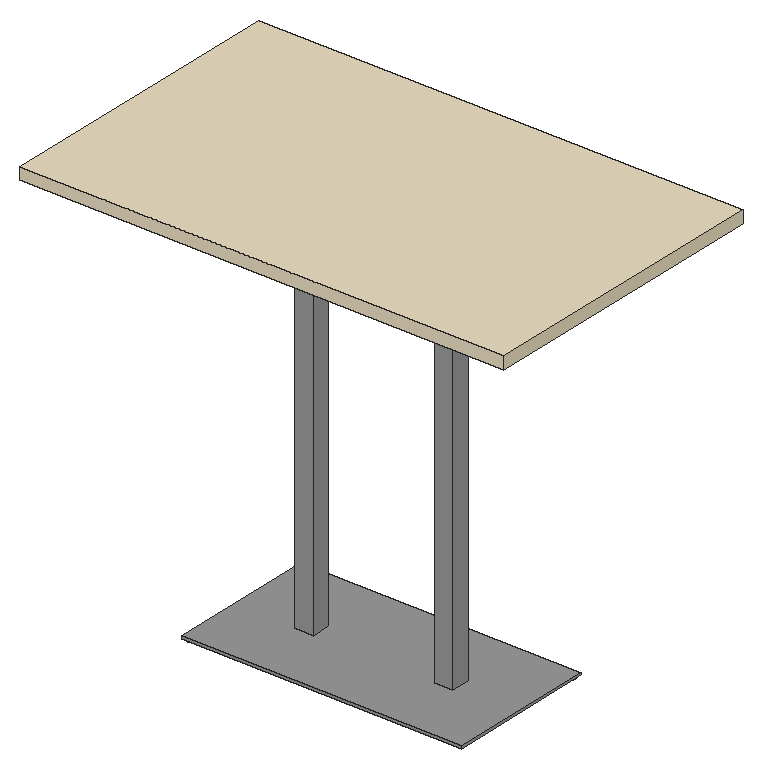
Revit family "FU_Table_Sandler_596AQ-XT", category Furniture, Revit 2020
Family settings
  OmniClass Number = 23.40.20.00
  OmniClass Title = General Furniture and Specialties
  Work Plane-Based = No
  Always vertical = Yes
  Cut with Voids When Loaded = No
  Shared = No
  Room Calculation Point = No
Parameters (values of type "596AQ-MT - 32x51" Top (80x130cm)")
  Width = 750 mm
  URL = "https://www.sandlerseating.com/product/596aq-mt/"
  Top Size = FU_TableTops_MT Sqr : 32x52" Top (80x130cm)
  Top Finish [instance] = Wood - Beech - Honey Stained
  Model = "596AQ-MT"
  Manufacturer = "Sandler"
  Height = 1100 mm
  Frame Finish [instance] = Metal - Steel - Polished
  Elevation = Height  # 1100 mm
  Description = "Double column table base in stainless steel."
  Depth = 400 mm
  Default Elevation = 0 mm
Types (4, lengths in mm): name | Top Size | Frame Finish
  596AQ-MT - 28x48" Top (70x120cm) | FU_TableTops_MT Sqr : 28x48" Top (70x120cm) | Metal - Steel - Polished
  596AQ-MT - 28x51" Top (70x130cm) | FU_TableTops_MT Sqr : 28x52" Top (70x130cm) | Metal - Steel - Matt-Satin
  596AQ-MT - 32x48" Top (80x120cm) | FU_TableTops_MT Sqr : 32x48" Top (80x120cm) | Metal - Steel - Polished
  596AQ-MT - 32x51" Top (80x130cm) | FU_TableTops_MT Sqr : 32x52" Top (80x130cm) | Metal - Steel - Polished
Reference planes
  plane 1 "Center (Front/Back)": y = 0
  plane 2: z = 0
  plane 3 "Center (Left/Right)": x = 0
  plane 4 "Right": x = -375
  plane 5 "Left": x = 375
  plane 6 "Back": y = 200
  plane 7 "Front": y = -200
  plane 8 "Height": z = 1100
  plane 9 "Glide height": z = 4
  plane 10 "LG H": y = 185.83
  plane 11: x = -360.83
  plane 12: x = -187.5
Forms (mm)
  Extrusion 1, solid, material "Metal - Steel - Polished" <- "Frame Finish"
    sketch origin (0, 0, 4) x (-1, 0, 0) y (0, -1, 0)
      loop
        line (375, -200) -> (375, 200) -> (-375, 200) -> (-375, -200) -> (375, -200)
    from 0 to 6
  Revolve 2, solid, material "Rubber, Black"
    sketch origin (0, 185.83, 0) x (-1, 0, 0) y (0, 0, 1)
      loop
        line (372.33, 4) -> (360.83, 4) -> (360.83, 0) -> (370.33, 0)
        arc (370.33, 0) -> (371.744, 0.586) -> (372.33, 2) r 2
        line (372.33, 2) -> (372.33, 4)
      axis (360.83, 4) -> (360.83, 0)
    angle from 0 to 360
  Revolve 3, solid, material "Rubber, Black"
    sketch origin (0, 185.83, 0) x (1, 0, 0) y (0, 0, 1)
      loop
        line (372.33, 4) -> (362.33, 4) -> (362.33, 0) -> (370.33, 0)
        arc (370.33, 0) -> (371.744, 0.586) -> (372.33, 2) r 2
        line (372.33, 2) -> (372.33, 4)
      axis (362.33, 4) -> (362.33, 0)
    angle from 0 to 360
  Revolve 4, solid, material "Rubber, Black"
    sketch origin (0, -185.83, 0) x (-1, 0, 0) y (0, 0, -1)
      loop
        line (372.33, -4) -> (372.33, -2)
        arc (372.33, -2) -> (371.744, -0.586) -> (370.33, 0) r 2
        line (370.33, 0) -> (360.83, 0) -> (360.83, -4) -> (372.33, -4)
      axis (360.83, -4) -> (360.83, 0)
    angle from 0 to 360
  Revolve 5, solid, material "Rubber, Black"
    sketch origin (0, -185.83, 0) x (1, 0, 0) y (0, 0, 1)
      loop
        line (372.33, 4) -> (362.33, 4) -> (362.33, 0) -> (370.33, 0)
        arc (370.33, 0) -> (371.744, 0.586) -> (372.33, 2) r 2
        line (372.33, 2) -> (372.33, 4)
      axis (362.33, 4) -> (362.33, 0)
    angle from 0 to 360
  Revolve 6, solid, material "Rubber, Black"
    sketch origin (-360.83, 185.83, 0) x (1, 0, 0) y (0, 0, 1)
      loop
        line (370.83, 4) -> (360.83, 4) -> (360.83, 0) -> (368.83, 0)
        arc (368.83, 0) -> (370.244, 0.586) -> (370.83, 2) r 2
        line (370.83, 2) -> (370.83, 4)
      axis (360.83, 4) -> (360.83, 0)
    angle from 0 to 360
  Revolve 7, solid, material "Rubber, Black"
    sketch origin (-360.83, -185.83, 0) x (1, 0, 0) y (0, 0, 1)
      loop
        line (370.83, 4) -> (360.83, 4) -> (360.83, 0) -> (368.83, 0)
        arc (368.83, 0) -> (370.244, 0.586) -> (370.83, 2) r 2
        line (370.83, 2) -> (370.83, 4)
      axis (360.83, 4) -> (360.83, 0)
    angle from 0 to 360
  Extrusion 8, solid, material "Metal - Steel - Polished" <- "Frame Finish"
    sketch origin (0, 0, 4) x (-1, 0, 0) y (0, -1, 0)
      loop
        line (212.5, -25) -> (212.5, 25) -> (162.5, 25) -> (162.5, -25) -> (212.5, -25)
    from 6 to 1096
  Extrusion 9, solid, material "Metal - Steel - Polished" <- "Frame Finish"
    sketch origin (0, 0, 4) x (1, 0, 0) y (0, 1, 0)
      loop
        line (212.5, 25) -> (162.5, 25) -> (162.5, -25) -> (212.5, -25) -> (212.5, 25)
    from 6 to 1096
  Extrusion 10, solid, material "Metal - Steel - Polished" <- "Frame Finish"
    sketch origin (0, 0, 1100) x (-1, 0, 0) y (0, -1, 0)
      loop
        line (235.5, 44.024) -> (307.236, 117.26)
        arc (307.236, 117.26) -> (304.417, 120.065) -> (301.532, 122.802) r 167.789
        line (301.532, 122.802) -> (227.879, 47.718) -> (147.12, 47.718) -> (73.468, 122.802)
        arc (73.468, 122.802) -> (70.583, 120.065) -> (67.764, 117.26) r 167.789
        line (67.764, 117.26) -> (139.5, 44.024) -> (139.5, -44.024) -> (67.486, -116.038)
        arc (67.486, -116.038) -> (70.298, -118.884) -> (73.177, -121.661) r 166.741
        line (73.177, -121.661) -> (146.556, -48.282) -> (228.444, -48.282) -> (301.823, -121.661)
        arc (301.823, -121.661) -> (304.702, -118.884) -> (307.514, -116.038) r 166.741
        line (307.514, -116.038) -> (235.5, -44.024) -> (235.5, 44.024)
    from -5.84 to -20
  Extrusion 11, solid, material "Metal - Steel - Polished" <- "Frame Finish"
    sketch origin (0, 0, 1100) x (-1, 0, 0) y (0, -1, 0)
      loop
        arc (235.5, 9.198) -> (237.694, 20.46) -> (243.955, 30.074) r 30
        line (243.955, 30.074) -> (342.527, 133.309)
        arc (342.527, 133.309) -> (344.782, 138.939) -> (342.439, 144.533) r 8
        line (342.439, 144.533) -> (329.622, 157.35)
        arc (329.622, 157.35) -> (323.965, 159.693) -> (318.308, 157.35) r 8
        line (318.308, 157.35) -> (219.527, 57.069)
        arc (219.527, 57.069) -> (209.794, 50.566) -> (198.314, 48.282) r 30
        line (198.314, 48.282) -> (176.686, 48.282)
        arc (176.686, 48.282) -> (165.206, 50.566) -> (155.473, 57.069) r 30
        line (155.473, 57.069) -> (56.692, 157.35)
        arc (56.692, 157.35) -> (51.035, 159.693) -> (45.378, 157.35) r 8
        line (45.378, 157.35) -> (32.561, 144.533)
        arc (32.561, 144.533) -> (30.218, 138.939) -> (32.473, 133.309) r 8
        line (32.473, 133.309) -> (131.045, 30.074)
        arc (131.045, 30.074) -> (137.306, 20.46) -> (139.5, 9.198) r 30
        line (139.5, 9.198) -> (139.5, -9.198)
        arc (139.5, -9.198) -> (137.306, -20.46) -> (131.045, -30.074) r 30
        line (131.045, -30.074) -> (32.473, -131.809)
        arc (32.473, -131.809) -> (30.218, -137.439) -> (32.561, -143.033) r 8
        line (32.561, -143.033) -> (45.378, -155.85)
        arc (45.378, -155.85) -> (51.035, -158.193) -> (56.692, -155.85) r 8
        line (56.692, -155.85) -> (155.473, -57.069)
        arc (155.473, -57.069) -> (165.206, -50.566) -> (176.686, -48.282) r 30
        line (176.686, -48.282) -> (198.314, -48.282)
        arc (198.314, -48.282) -> (209.794, -50.566) -> (219.527, -57.069) r 30
        line (219.527, -57.069) -> (318.308, -155.85)
        arc (318.308, -155.85) -> (323.965, -158.193) -> (329.622, -155.85) r 8
        line (329.622, -155.85) -> (342.439, -143.033)
        arc (342.439, -143.033) -> (344.782, -137.439) -> (342.527, -131.809) r 8
        line (342.527, -131.809) -> (243.955, -30.074)
        arc (243.955, -30.074) -> (237.694, -20.46) -> (235.5, -9.198) r 30
        line (235.5, -9.198) -> (235.5, 9.198)
      loop
        line (53.101, -141.055) -> (62.998, -131.158)
        arc (62.998, -131.158) -> (62.998, -125.502) -> (57.342, -125.502) r 3.999
        line (57.342, -125.502) -> (47.445, -135.399)
        arc (47.445, -135.399) -> (47.5, -141.001) -> (53.101, -141.055) r 4
      loop
        arc (321.899, -141.055) -> (327.5, -141.001) -> (327.555, -135.399) r 4
        line (327.555, -135.399) -> (317.658, -125.502)
        arc (317.658, -125.502) -> (312.002, -125.502) -> (312.002, -131.158) r 3.999
        line (312.002, -131.158) -> (321.899, -141.055)
      loop
        arc (53.101, 142.555) -> (47.5, 142.501) -> (47.445, 136.899) r 4
        line (47.445, 136.899) -> (57.342, 127.002)
        arc (57.342, 127.002) -> (62.998, 127.002) -> (62.998, 132.658) r 3.999
        line (62.998, 132.658) -> (53.101, 142.555)
      loop
        line (321.899, 142.555) -> (312.002, 132.658)
        arc (312.002, 132.658) -> (312.002, 127.002) -> (317.658, 127.002) r 3.999
        line (317.658, 127.002) -> (327.555, 136.899)
        arc (327.555, 136.899) -> (327.5, 142.501) -> (321.899, 142.555) r 4
      loop
        circle (187.5, 0) r 7.5
    from -9.84 to 0
  Extrusion 12, solid, material "Metal - Steel - Polished" <- "Frame Finish"
    sketch origin (0, 0, 1100) x (1, 0, 0) y (0, 1, 0)
      loop
        line (235.5, -44.024) -> (235.5, 44.024) -> (309.014, 116.038)
        arc (309.014, 116.038) -> (306.203, 118.919) -> (303.323, 121.732) r 167.824
        line (303.323, 121.732) -> (228.444, 48.282) -> (146.556, 48.282) -> (73.177, 121.661)
        arc (73.177, 121.661) -> (70.298, 118.884) -> (67.486, 116.038) r 166.741
        line (67.486, 116.038) -> (139.5, 44.024) -> (139.5, -44.024) -> (67.764, -117.26)
        arc (67.764, -117.26) -> (70.583, -120.065) -> (73.468, -122.802) r 167.789
        line (73.468, -122.802) -> (147.12, -47.718) -> (227.879, -47.718) -> (303.032, -122.871)
        arc (303.032, -122.871) -> (305.917, -120.1) -> (308.736, -117.26) r 168.862
        line (308.736, -117.26) -> (235.5, -44.024)
    from -5.84 to -20
  Extrusion 13, solid, material "Metal - Steel - Polished" <- "Frame Finish"
    sketch origin (0, 0, 1100) x (1, 0, 0) y (0, 1, 0)
      loop
        line (235.5, -9.198) -> (235.5, 9.198)
        arc (235.5, 9.198) -> (237.694, 20.46) -> (243.955, 30.074) r 30
        line (243.955, 30.074) -> (344.027, 131.809)
        arc (344.027, 131.809) -> (346.282, 137.439) -> (343.939, 143.033) r 8
        line (343.939, 143.033) -> (331.122, 155.85)
        arc (331.122, 155.85) -> (325.465, 158.193) -> (319.808, 155.85) r 8
        line (319.808, 155.85) -> (219.527, 57.069)
        arc (219.527, 57.069) -> (209.794, 50.566) -> (198.314, 48.282) r 30
        line (198.314, 48.282) -> (176.686, 48.282)
        arc (176.686, 48.282) -> (165.206, 50.566) -> (155.473, 57.069) r 30
        line (155.473, 57.069) -> (56.692, 155.85)
        arc (56.692, 155.85) -> (51.035, 158.193) -> (45.378, 155.85) r 8
        line (45.378, 155.85) -> (32.561, 143.033)
        arc (32.561, 143.033) -> (30.218, 137.439) -> (32.473, 131.809) r 8
        line (32.473, 131.809) -> (131.045, 30.074)
        arc (131.045, 30.074) -> (137.306, 20.46) -> (139.5, 9.198) r 30
        line (139.5, 9.198) -> (139.5, -9.198)
        arc (139.5, -9.198) -> (137.306, -20.46) -> (131.045, -30.074) r 30
        line (131.045, -30.074) -> (32.473, -133.309)
        arc (32.473, -133.309) -> (30.218, -138.939) -> (32.561, -144.533) r 8
        line (32.561, -144.533) -> (45.378, -157.35)
        arc (45.378, -157.35) -> (51.035, -159.693) -> (56.692, -157.35) r 8
        line (56.692, -157.35) -> (155.473, -57.069)
        arc (155.473, -57.069) -> (165.206, -50.566) -> (176.686, -48.282) r 30
        line (176.686, -48.282) -> (198.314, -48.282)
        arc (198.314, -48.282) -> (209.794, -50.566) -> (219.527, -57.069) r 30
        line (219.527, -57.069) -> (319.808, -157.35)
        arc (319.808, -157.35) -> (325.465, -159.693) -> (331.122, -157.35) r 8
        line (331.122, -157.35) -> (343.939, -144.533)
        arc (343.939, -144.533) -> (346.282, -138.939) -> (344.027, -133.309) r 8
        line (344.027, -133.309) -> (243.955, -30.074)
        arc (243.955, -30.074) -> (237.694, -20.46) -> (235.5, -9.198) r 30
      loop
        arc (53.101, 141.055) -> (47.5, 141.001) -> (47.445, 135.399) r 4
        line (47.445, 135.399) -> (57.342, 125.502)
        arc (57.342, 125.502) -> (62.998, 125.502) -> (62.998, 131.158) r 3.999
        line (62.998, 131.158) -> (53.101, 141.055)
      loop
        line (323.399, 141.055) -> (313.502, 131.158)
        arc (313.502, 131.158) -> (313.502, 125.502) -> (319.158, 125.502) r 3.999
        line (319.158, 125.502) -> (329.055, 135.399)
        arc (329.055, 135.399) -> (329, 141.001) -> (323.399, 141.055) r 4
      loop
        line (53.101, -142.555) -> (62.998, -132.658)
        arc (62.998, -132.658) -> (62.998, -127.002) -> (57.342, -127.002) r 3.999
        line (57.342, -127.002) -> (47.445, -136.899)
        arc (47.445, -136.899) -> (47.5, -142.501) -> (53.101, -142.555) r 4
      loop
        arc (323.399, -142.555) -> (329, -142.501) -> (329.055, -136.899) r 4
        line (329.055, -136.899) -> (319.158, -127.002)
        arc (319.158, -127.002) -> (313.502, -127.002) -> (313.502, -132.658) r 3.999
        line (313.502, -132.658) -> (323.399, -142.555)
      loop
        circle (187.5, 0) r 7.5
    from -9.84 to 0
Cuts and joins
  joined: Extrusion 1, Extrusion 8, Extrusion 9, Extrusion 10, Extrusion 11, Extrusion 12, Extrusion 13
Dimensions and locks
  equal spacing: plane 4 "Right", plane 3 "Center (Left/Right)", plane 5 "Left"
  "Width": plane 4 "Right" to plane 5 "Left"
  equal spacing: plane 6 "Back", plane 1 "Center (Front/Back)", plane 7 "Front"
  "Depth": plane 6 "Back" to plane 7 "Front"
  "Height": plane 8 "Height" to level
  plane 9 "Glide height" to level = 4 mm
  aligned and locked: level to plane 2
  aligned and locked: plane 8 "Height" to cut or joined group of Extrusion 1, Extrusion 8, Extrusion 9, Extrusion 10, Extrusion 11, Extrusion 12, Extrusion 13  (x2)
Automatic sketch dimensions
  Extrusion 1 sketch curve to plane 5 "Left" = 0 mm
  Extrusion 1 sketch curve to plane 4 "Right" = 0 mm
  Extrusion 1 sketch curve to plane 6 "Back" = 0 mm
  Extrusion 1 sketch curve to plane 7 "Front" = 0 mm
  Revolve 2 sketch curve to plane 9 "Glide height" = 0 mm  (x2)
  plane 11 to Revolve 2 sketch curve = 0 mm  (x2)
  Revolve 2 sketch curve to level = 0 mm
  level to Revolve 2 sketch curve = 2 mm
  Revolve 2 sketch curve to plane 4 "Right" = 4.67 mm
  Revolve 2 sketch curve to level = 1.303 mm
  Revolve 3 sketch curve to plane 9 "Glide height" = 0 mm  (x2)
  Revolve 3 sketch curve to level = 0 mm
  Revolve 3 sketch curve to plane 5 "Left" = 12.67 mm
  Revolve 3 sketch curve to level = 2 mm
  Revolve 3 sketch curve to plane 5 "Left" = 4.67 mm
  Revolve 3 sketch curve to Revolve 3 sketch curve = 0 mm
  Revolve 3 sketch curve to Revolve 3 sketch curve = 1.303 mm
  Revolve 4 sketch curve to plane 9 "Glide height" = 0 mm  (x2)
  plane 11 to Revolve 4 sketch curve = 0 mm  (x2)
  Revolve 4 sketch curve to level = 0 mm
  level to Revolve 4 sketch curve = 2 mm
  Revolve 4 sketch curve to plane 4 "Right" = 4.67 mm
  Revolve 4 sketch curve to level = 1.303 mm
  Revolve 5 sketch curve to plane 9 "Glide height" = 0 mm  (x2)
  Revolve 5 sketch curve to level = 0 mm
  plane 5 "Left" to Revolve 5 sketch curve = 12.67 mm
  level to Revolve 5 sketch curve = 2 mm
  plane 5 "Left" to Revolve 5 sketch curve = 4.67 mm
  Revolve 5 sketch curve to Revolve 5 sketch curve = 0 mm
  Revolve 5 sketch curve to Revolve 5 sketch curve = 1.303 mm
  Revolve 6 sketch curve to plane 9 "Glide height" = 0 mm  (x2)
  Revolve 6 sketch curve to level = 0 mm
  plane 3 "Center (Left/Right)" to Revolve 6 sketch curve = 0 mm
  Revolve 6 sketch curve to level = 2 mm
  Revolve 6 sketch curve to plane 3 "Center (Left/Right)" = 8 mm
  Revolve 6 sketch curve to Revolve 6 sketch curve = 0 mm
  Revolve 6 sketch curve to Revolve 6 sketch curve = 1.303 mm
  Revolve 7 sketch curve to plane 9 "Glide height" = 0 mm  (x2)
  Revolve 7 sketch curve to level = 0 mm
  Revolve 7 sketch curve to plane 3 "Center (Left/Right)" = 0 mm
  level to Revolve 7 sketch curve = 2 mm
  plane 3 "Center (Left/Right)" to Revolve 7 sketch curve = 8 mm
  Revolve 7 sketch curve to Revolve 7 sketch curve = 0 mm
  Revolve 7 sketch curve to Revolve 7 sketch curve = 1.303 mm
  Extrusion 8 sketch curve to plane 12 = 25 mm
  Extrusion 8 sketch curve to plane 1 "Center (Front/Back)" = 25 mm
  plane 1 "Center (Front/Back)" to Extrusion 9 sketch curve = 25 mm
  Extrusion 9 sketch curve to plane 3 "Center (Left/Right)" = 162.5 mm
  Extrusion 10 sketch curve to Extrusion 10 sketch curve = 0 mm  (x12)
  Extrusion 10 sketch curve to plane 12 = 0 mm
  Extrusion 10 sketch curve to plane 12 = 40.38 mm
  Extrusion 10 sketch curve to plane 12 = 40.944 mm
  Extrusion 10 sketch curve to Extrusion 10 sketch curve = 7.056 mm  (x2)
  Extrusion 10 sketch curve to plane 3 "Center (Left/Right)" = 73.468 mm
  Extrusion 10 sketch curve to plane 3 "Center (Left/Right)" = 73.177 mm
  Extrusion 10 sketch curve to Extrusion 10 sketch curve = 5.704 mm  (x2)
  Extrusion 10 sketch curve to Extrusion 10 sketch curve = 5.691 mm  (x2)
  plane 12 to Extrusion 10 sketch curve = 40.38 mm
  plane 12 to Extrusion 10 sketch curve = 40.944 mm
  Extrusion 10 sketch curve to plane 11 = 59.298 mm
  Extrusion 10 sketch curve to plane 11 = 59.007 mm
  Extrusion 10 sketch curve to plane 10 "LG H" = 64.169 mm  (x2)
  Extrusion 10 sketch curve to Extrusion 10 sketch curve = 5.623 mm
  Extrusion 10 sketch curve to plane 1 "Center (Front/Back)" = 48.282 mm
  Extrusion 10 sketch curve to Extrusion 10 sketch curve = 4.258 mm  (x2)
  plane 1 "Center (Front/Back)" to Extrusion 10 sketch curve = 44.024 mm  (x2)
  Extrusion 10 sketch curve to Extrusion 10 sketch curve = 3.693 mm
  plane 7 "Front" to Extrusion 10 sketch curve = 82.74 mm  (x2)
  plane 1 "Center (Front/Back)" to Extrusion 11 sketch curve = 0 mm
  Extrusion 11 sketch curve to plane 12 = 0 mm
  Extrusion 11 sketch curve to plane 12 = 10.814 mm  (x2)
  Extrusion 11 sketch curve to Extrusion 11 sketch curve = 21.213 mm  (x5)
  plane 1 "Center (Front/Back)" to Extrusion 11 sketch curve = 9.198 mm  (x2)
  Extrusion 11 sketch curve to plane 12 = 48 mm
  Extrusion 11 sketch curve to plane 1 "Center (Front/Back)" = 30.074 mm  (x2)
  Extrusion 11 sketch curve to Extrusion 11 sketch curve = 8.455 mm  (x4)
  plane 1 "Center (Front/Back)" to Extrusion 11 sketch curve = 30.074 mm  (x2)
  Extrusion 11 sketch curve to plane 1 "Center (Front/Back)" = 9.198 mm  (x2)
  Extrusion 11 sketch curve to plane 3 "Center (Left/Right)" = 62.998 mm  (x2)
  Extrusion 11 sketch curve to Extrusion 11 sketch curve = 2.828 mm  (x12)
  Extrusion 11 sketch curve to Extrusion 11 sketch curve = 6.306 mm  (x4)
  Extrusion 11 sketch curve to Extrusion 11 sketch curve = 9.897 mm  (x8)
  Extrusion 11 sketch curve to Extrusion 11 sketch curve = 5.657 mm  (x18)
  Extrusion 11 sketch curve to Extrusion 11 sketch curve = 2.773 mm  (x6)
  Extrusion 11 sketch curve to Extrusion 11 sketch curve = 2.883 mm  (x6)
  Extrusion 11 sketch curve to plane 10 "LG H" = 29.98 mm  (x2)
  Extrusion 11 sketch curve to Extrusion 11 sketch curve = 9.227 mm  (x4)
  Extrusion 11 sketch curve to Extrusion 11 sketch curve = 5.745 mm  (x4)
  plane 12 to Extrusion 11 sketch curve = 10.814 mm  (x2)
  plane 12 to Extrusion 11 sketch curve = 48 mm
  Extrusion 11 sketch curve to plane 11 = 48.828 mm  (x2)
  Extrusion 11 sketch curve to Extrusion 11 sketch curve = 12.817 mm  (x2)
  Extrusion 11 sketch curve to Extrusion 11 sketch curve = 9.138 mm  (x4)
  Extrusion 11 sketch curve to Extrusion 11 sketch curve = 48.208 mm
  Extrusion 11 sketch curve to Extrusion 11 sketch curve = 0 mm
  plane 1 "Center (Front/Back)" to Extrusion 11 sketch curve = 48.282 mm
  Extrusion 11 sketch curve to Extrusion 11 sketch curve = 8.787 mm  (x2)
  plane 7 "Front" to Extrusion 11 sketch curve = 72.998 mm  (x2)
  Extrusion 11 sketch curve to Extrusion 11 sketch curve = 6.307 mm  (x2)
  Extrusion 11 sketch curve to Extrusion 11 sketch curve = 5.567 mm  (x2)
  Extrusion 12 sketch curve to Extrusion 12 sketch curve = 0 mm  (x12)
  Extrusion 12 sketch curve to plane 3 "Center (Left/Right)" = 67.486 mm
  Extrusion 12 sketch curve to plane 3 "Center (Left/Right)" = 67.764 mm
  Extrusion 12 sketch curve to Extrusion 12 sketch curve = 5.691 mm  (x2)
  Extrusion 12 sketch curve to Extrusion 12 sketch curve = 5.704 mm  (x2)
  plane 1 "Center (Front/Back)" to Extrusion 12 sketch curve = 44.024 mm  (x2)
  Extrusion 12 sketch curve to Extrusion 12 sketch curve = 72.014 mm
  plane 1 "Center (Front/Back)" to Extrusion 12 sketch curve = 48.282 mm
  Extrusion 12 sketch curve to Extrusion 12 sketch curve = 7.056 mm  (x2)
  Extrusion 12 sketch curve to plane 1 "Center (Front/Back)" = 47.718 mm
  Extrusion 12 sketch curve to Extrusion 12 sketch curve = 7.62 mm
  plane 1 "Center (Front/Back)" to Extrusion 12 sketch curve = 0.282 mm
  Extrusion 12 sketch curve to Extrusion 12 sketch curve = 40.38 mm  (x2)
  Extrusion 12 sketch curve to Extrusion 12 sketch curve = 40.944 mm
  Extrusion 12 sketch curve to plane 5 "Left" = 71.968 mm
  Extrusion 12 sketch curve to plane 5 "Left" = 71.677 mm
  plane 10 "LG H" to Extrusion 12 sketch curve = 69.792 mm  (x2)
  Extrusion 12 sketch curve to Extrusion 12 sketch curve = 3.693 mm  (x2)
  Extrusion 12 sketch curve to plane 7 "Front" = 82.74 mm  (x2)
  plane 1 "Center (Front/Back)" to Extrusion 13 sketch curve = 0 mm
  Extrusion 13 sketch curve to plane 3 "Center (Left/Right)" = 32.473 mm  (x2)
  Extrusion 13 sketch curve to Extrusion 13 sketch curve = 0.089 mm  (x2)
  Extrusion 13 sketch curve to Extrusion 13 sketch curve = 5.745 mm  (x4)
  Extrusion 13 sketch curve to Extrusion 13 sketch curve = 12.817 mm  (x4)
  Extrusion 13 sketch curve to Extrusion 13 sketch curve = 9.227 mm  (x4)
  Extrusion 13 sketch curve to Extrusion 13 sketch curve = 2.883 mm  (x6)
  Extrusion 13 sketch curve to Extrusion 13 sketch curve = 5.657 mm  (x16)
  Extrusion 13 sketch curve to Extrusion 13 sketch curve = 2.773 mm  (x6)
  plane 10 "LG H" to Extrusion 13 sketch curve = 29.98 mm  (x2)
  Extrusion 13 sketch curve to Extrusion 13 sketch curve = 9.897 mm  (x8)
  Extrusion 13 sketch curve to Extrusion 13 sketch curve = 2.828 mm  (x12)
  plane 1 "Center (Front/Back)" to Extrusion 13 sketch curve = 9.198 mm  (x2)
  Extrusion 13 sketch curve to plane 3 "Center (Left/Right)" = 109.5 mm
  Extrusion 13 sketch curve to Extrusion 13 sketch curve = 0 mm
  Extrusion 13 sketch curve to plane 1 "Center (Front/Back)" = 30.074 mm  (x2)
  Extrusion 13 sketch curve to Extrusion 13 sketch curve = 21.545 mm  (x2)
  plane 1 "Center (Front/Back)" to Extrusion 13 sketch curve = 30.074 mm  (x2)
  Extrusion 13 sketch curve to plane 1 "Center (Front/Back)" = 57.069 mm  (x2)
  Extrusion 13 sketch curve to Extrusion 13 sketch curve = 24.427 mm  (x2)
  plane 1 "Center (Front/Back)" to Extrusion 13 sketch curve = 57.069 mm  (x2)
  Extrusion 13 sketch curve to Extrusion 13 sketch curve = 21.213 mm  (x5)
  Extrusion 13 sketch curve to Extrusion 13 sketch curve = 48 mm  (x2)
  Extrusion 13 sketch curve to Extrusion 13 sketch curve = 21.628 mm  (x2)
  Extrusion 13 sketch curve to plane 1 "Center (Front/Back)" = 9.198 mm
  Extrusion 13 sketch curve to Extrusion 13 sketch curve = 8.455 mm  (x2)
  Extrusion 13 sketch curve to plane 5 "Left" = 61.498 mm  (x2)
  Extrusion 13 sketch curve to Extrusion 13 sketch curve = 6.306 mm  (x2)
  Extrusion 13 sketch curve to Extrusion 13 sketch curve = 9.138 mm  (x4)
  Extrusion 13 sketch curve to Extrusion 13 sketch curve = 8.787 mm
  Extrusion 13 sketch curve to plane 7 "Front" = 72.998 mm  (x2)
  Extrusion 13 sketch curve to Extrusion 13 sketch curve = 6.307 mm  (x2)
  Extrusion 13 sketch curve to Extrusion 13 sketch curve = 5.567 mm  (x2)
  plane 12 to Extrusion 8 sketch curve = 25 mm
  plane 1 "Center (Front/Back)" to Extrusion 8 sketch curve = 25 mm
  Extrusion 9 sketch curve to Extrusion 9 sketch curve = 50 mm
  Extrusion 9 sketch curve to plane 1 "Center (Front/Back)" = 25 mm
  radius of Extrusion 11 sketch curve = 7.5 mm
  radius of Extrusion 13 sketch curve = 7.5 mm
Nested families
  nested 1: "FU_TableTops_MT Sqr" at (0, 0, 0), Top Elevation <- "Elevation", Top Finish <- "Top Finish", type <- "Top Size", type "32x52" Top (80x130cm)"
    with Top Finish Wood - Beech - Honey Stained, Top Elevation 1100 mm
Definition of nested family "FU_TableTops_MT Sqr"
  Parameters (values of type "24x48" Top (60x120cm)")
    Width = 1200 mm
    Top Finish [instance] = none
    Top Elevation [instance] = 1100 mm
    Depth = 600 mm
    Default Elevation = 0 mm
  Types (16, lengths in mm): name | Width | Depth
    28x48" Top (70x120cm) | 1200 | 700
    28x52" Top (70x130cm) | 1300 | 700
    32x48" Top (80x120cm) | 1200 | 800
    32x52" Top (80x130cm) | 1300 | 800
    28x55" Top (70x140cm) | 1400 | 700
    32x55" Top (80x140cm) | 1400 | 800
    24" Square (60cm) | 600 | 600
    28" Square (70cm) | 700 | 700
    32" Square (80cm) | 800 | 800
    36" Square (90cm) | 900 | 900
    40" Square (100cm) | 1000 | 1000
    44" Square (110cm) | 1100 | 1100
    28x44" Top (70x110cm) | 1100 | 700
    24x40" Top (60x100cm) | 1000 | 600
    24x44" Top (60x110cm) | 1100 | 600
    24x48" Top (60x120cm) | 1200 | 600
  Reference planes
    plane 1 "Center (Front/Back)": y = 0
    plane 2: z = 0
    plane 3 "Center (Left/Right)": x = 0
    plane 4 "Right": x = -600
    plane 5 "Left": x = 600
    plane 6 "Back": y = 300
    plane 7 "Front": y = -300
    plane 8 "Elevation": z = 1100
    plane 9 "Top Height": z = 1131.75
  Forms (mm)
    Extrusion 1, solid, material <- "Top Finish"
      sketch origin (0, 0, 1100) x (-1, 0, 0) y (0, -1, 0)
        loop
          line (600, -300) -> (600, 300) -> (-600, 300) -> (-600, -300) -> (600, -300)
      from 0 to 31.75
  Dimensions and locks
    equal spacing: plane 4 "Right", plane 3 "Center (Left/Right)", plane 5 "Left"
    "Width": plane 4 "Right" to plane 5 "Left"
    equal spacing: plane 6 "Back", plane 1 "Center (Front/Back)", plane 7 "Front"
    "Depth": plane 6 "Back" to plane 7 "Front"
    "Top Elevation": plane 8 "Elevation" to level
    locked: plane 9 "Top Height" to plane 8 "Elevation" at 31.75
    aligned and locked: level to plane 2
    aligned and locked: Extrusion 1 sketch curve to plane 6 "Back"
    aligned and locked: Extrusion 1 sketch curve to plane 4 "Right"
    aligned and locked: plane 7 "Front" to Extrusion 1 sketch curve
    aligned and locked: plane 5 "Left" to Extrusion 1 sketch curve
    aligned and locked: Extrusion 1 to plane 8 "Elevation"
    aligned and locked: plane 8 "Elevation" to Extrusion 1  (x2)
    aligned and locked: plane 9 "Top Height" to Extrusion 1
    aligned and locked: Extrusion 1 to plane 9 "Top Height"
